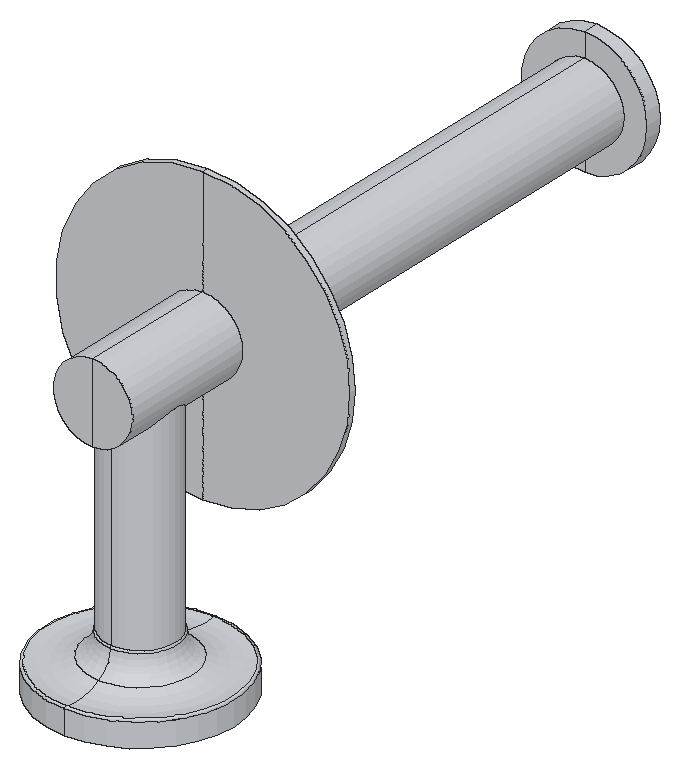
Revit family "Accessory-Tissue_Holder-KOHLER-Purist-K-14444BR_1", category Specialty Equipment, host Face, Revit 2017
Family settings
  Host = Face
  Round Connector Dimension = Use Diameter
  Part Type = Normal
  OmniClass Number = 23.31.25.21
  OmniClass Title = Toilet Paper Dispensers
  Cut with Voids When Loaded = No
  Shared = No
  Room Calculation Point = No
Parameters (values of type "CP-Polished Chrome")
  Width = 2 61/64"  # constant formula
  WaterSense Certified = 1 = 0  # no
  URL = "https://br.kohler.com/"
  Type = 1
  Product Page URL = "https://br.kohler.com/product-detail/14444br?skuid=K-14444BR-CP"
  Product Name = "Purist"  # constant formula
  Product Documentation Link = ""
  Model = if(Type = 1, "K-14444BR-CP", if(Type = 2, "K-14444BR-BN", if(Type = 3, "K-14444BR-RGD", "NA")))  # "K-14444BR-CP"
  Material = "Premium Metal Construction"  # constant formula
  Master Format 2014 Name = "Toilet, Bath, and Laundry Accessories"  # constant formula
  Master Format 2014 = "10 28 00"  # constant formula
  Manufacturer Address = "Rio de Janeiro MULTIREPAROS RUA BATISTA DA COSTA, Nº 352 | STORE B Rio de Janeiro SÃO GONÇALO 24450-470"  # constant formula
  Manufacturer = "KOHLER Co."  # constant formula
  Length = 4 79/256"  # constant formula
  Height = 6 41/128"  # constant formula
  Finish = Kohler-Metal-CP-Polished_Chrome
  Environmental Product Declaration = ""
  Description = "Vertical Paper"  # constant formula
  Default Elevation = 42"
  Declare Label = ""
  Date Modified = "07/09/2020"  # constant formula
  Date Created = "07/09/2020"  # constant formula
  Copyright = "Copyright KOHLER Co."  # constant formula
  Contact Us = "https://br.kohler.com/asr-listing"
  Assembly Code = "C1030200"
  ADA Compliant = 1 = 0  # no
Types (4): name | Type | Product Page URL | Model | Finish
  (no name) | 1 | "https://br.kohler.com/product-detail/14444br?skuid=K-14444BR-CP" | "K-14444BR-CP" | Kohler-Metal-CP-Polished_Chrome
  CP-Polished Chrome | 1 | "https://br.kohler.com/product-detail/14444br?skuid=K-14444BR-CP" | "K-14444BR-CP" | Kohler-Metal-CP-Polished_Chrome
  BN-Vibrant Brushed Nickel | 2 | "https://br.kohler.com/product-detail/14444br?skuid=K-14444BR-BN" | "K-14444BR-BN" | Kohler-Metal-BN-Vibrant_Brushed_Nickel
  RGD-Vibrant Rose Gold | 3 | "https://br.kohler.com/product-detail/14444br?skuid=K-14444BR-RGD" | "K-14444BR-RGD" | Kohler-Metal-RGD-Polished_Rose_Gold
Reference planes (in)
  plane 1 "Center (Front/Back)": y = 0
  plane 2: z = 0
  plane 3 "Center (Left/Right)": x = 0
  plane 4: z = 0.25562
  plane 5: x = 0.94488
  plane 6: y = 0.94488
  plane 7: y = -0.94488
  plane 8: z = 4.30859
  plane 9: z = 2.83325
  plane 10: z = 1.35687
  plane 11: x = -0.94574
  plane 12: y = 0.7874
  plane 13: y = -0.59197
  plane 14: y = 5.57087
  plane 15: y = 5.72835
  plane 16: x = -1.47638
  plane 17: x = 1.47675
  plane 18: y = 0.84646
  plane 19: x = -0.3937
  plane 20: x = 0.3937
  plane 21: x = 0.35433
  plane 22: x = -0.35433
  plane 23: y = 0.35433
  plane 24: y = -0.35433
  plane 25: z = 3.22695
  plane 26: z = 2.43955
  plane 27: z = 3.46317
  plane 28: x = -0.62992
  plane 29: z = 2.20333
  plane 30: x = 0.62992
Dimensions and locks (in)
  "Height": plane 15 to plane 13
  plane 15 to plane 7 = 6.67323"
  "Width": plane 16 to plane 17
  plane 11 to plane 5 = 1 57/64"
  "Length": plane 8 to level
  aligned and locked: plane 2 to host face
  aligned and locked: level to host face
  aligned and locked: plane 3 "Center (Left/Right)" to nested 1
  aligned and locked: plane 1 "Center (Front/Back)" to nested 1
Automatic sketch dimensions
  host sketch curve to host sketch curve = 96"  (x2)
Nested families (in)
  nested 1: "K-14444BR" at (0, 0, 0), type "K-14444BR"
Definition of nested family "K-14444BR"
  Parameters (values of type "K-14444BR")
    Material = none
  Reference planes (in)
    plane 1 "Center (Front/Back)": y = 0
    plane 2: z = 0
    plane 3 "Center (Left/Right)": x = 0
    plane 4: x = 0.94488
    plane 5: x = -0.94488
    plane 6: y = 0.94488
    plane 7: y = -0.94488
    plane 8: z = 1.35687
    plane 9: z = 4.30963
    plane 10: x = -1.47638
    plane 11: x = 1.47638
    plane 12: y = 5.72835
    plane 13: y = -0.59055
    plane 14: y = 5.57087
    plane 15: z = 2.83325
    plane 16: x = -0.62992
    plane 17: x = 0.62992
  Forms (in)
    Revolve 1, solid, material <- "Material", detail levels medium+fine
      sketch origin (0, 0, 0) x (0, 1, 0) y (0, 0, 1)
        loop
          line (5.57087, 3.22695) -> (0.84646, 3.22695) -> (0.84646, 4.30963) -> (0.7874, 4.30963) -> (0.7874, 3.22695) -> (-0.59055, 3.22695) -> (-0.59055, 2.83325) -> (5.68663, 2.83325)
          arc (5.68663, 2.83325) -> (5.69707, 3.13354) -> (5.72835, 3.43239) r 4.32315
          line (5.72835, 3.43239) -> (5.72835, 3.46317) -> (5.57087, 3.46317) -> (5.57087, 3.22695)
        axis (5.72835, 2.83325) -> (-0.59055, 2.83325)
      angle from 0 to 360
    Revolve 2, solid, material <- "Material", detail levels medium+fine
      sketch origin (0, 0, 0) x (0, 1, 0) y (0, 0, 1)
        loop
          line (0.94488, 0) -> (0.94488, 0.23612)
          arc (0.94488, 0.23612) -> (0.93757, 0.25134) -> (0.92111, 0.25515) r 0.0195
          arc (0.92111, 0.25515) -> (0.71374, 0.24531) -> (0.51536, 0.30652) r 0.60178
          arc (0.51536, 0.30652) -> (0.41202, 0.39902) -> (0.36762, 0.53041) r 0.27239
          arc (0.36762, 0.53041) -> (0.36059, 0.54518) -> (0.34538, 0.55118) r 0.02229
          line (0.34538, 0.55118) -> (0, 0.55118) -> (0, 0) -> (0.94488, 0)
        axis (0, 0.55118) -> (0, 0)
      angle from 0 to 360
    Revolve 3, solid, material <- "Material", detail levels medium+fine
      sketch origin (0, 0, 0) x (0, 1, 0) y (0, 0, 1)
        loop
          line (0, 0.53346) -> (0.35433, 0.53346) -> (0.35433, 2.69188) -> (0, 2.69188) -> (0, 0.53346)
        axis (0, 2.69188) -> (0, 0.53346)
      angle from 0 to 360
    Revolve 4, solid, material <- "Material", detail levels coarse
      sketch origin (0, 0, 0) x (0, 1, 0) y (0, 0, 1)
        loop
          line (0, 2.83325) -> (-0.37894, 2.83325) -> (-0.37894, 0.51154) -> (-0.94488, 0.25559) -> (-0.94488, 0) -> (0, 0) -> (0, 2.83325)
        axis (0, 0) -> (0, 2.83325)
      angle from 0 to 360
    Revolve 5, solid, material <- "Material", detail levels coarse
      sketch origin (0, 0, 0) x (0, 1, 0) y (0, 0, 1)
        loop
          line (-0.60285, 2.83325) -> (5.72835, 2.83325) -> (5.72835, 3.47548) -> (5.57087, 3.47548) -> (5.57087, 3.23925) -> (0.85261, 3.23925) -> (0.85261, 4.30963) -> (0.78125, 4.30963) -> (0.78125, 3.23925) -> (-0.60285, 3.23925) -> (-0.60285, 2.83325)
        axis (-0.60285, 2.83325) -> (5.72835, 2.83325)
      angle from 0 to 360
  Cuts and joins
    joined: Revolve 1, Revolve 2, Revolve 3
    joined: Revolve 4, Revolve 5
  Lines and regions (in)
    Masking region 1
      outline origin (0, 0, 0) x (0, 1, 0) y (0, 0, 1)
        loop
          line (5.72835, 3.46317) -> (5.57087, 3.46317) -> (5.57087, 3.22695) -> (0.84646, 3.22695) -> (0.84646, 4.30963) -> (0.7874, 4.30963) -> (0.7874, 3.22695) -> (-0.59055, 3.22695) -> (-0.59055, 2.43955) -> (-0.35433, 2.43955) -> (-0.35433, 0.5493)
          arc (-0.35433, 0.5493) -> (-0.36553, 0.53777) -> (-0.36923, 0.52212) r 0.03023
          arc (-0.36923, 0.52212) -> (-0.42874, 0.37507) -> (-0.5602, 0.28629) r 0.27179
          arc (-0.5602, 0.28629) -> (-0.60794, 0.26844) -> (-0.65727, 0.25559) r 0.49397
          line (-0.65727, 0.25559) -> (-0.92441, 0.25559)
          arc (-0.92441, 0.25559) -> (-0.93888, 0.2496) -> (-0.94488, 0.23512) r 0.02047
          line (-0.94488, 0.23512) -> (-0.94488, 0) -> (0.94488, 0) -> (0.94488, 0.23512)
          arc (0.94488, 0.23512) -> (0.93888, 0.2496) -> (0.92441, 0.25559) r 0.02047
          line (0.92441, 0.25559) -> (0.65727, 0.25559)
          arc (0.65727, 0.25559) -> (0.60794, 0.26844) -> (0.5602, 0.28629) r 0.49397
          arc (0.5602, 0.28629) -> (0.42874, 0.37507) -> (0.36923, 0.52212) r 0.27179
          arc (0.36923, 0.52212) -> (0.36553, 0.53777) -> (0.35433, 0.5493) r 0.03023
          line (0.35433, 0.5493) -> (0.35433, 2.43955) -> (0.7874, 2.43955) -> (0.7874, 1.35687) -> (0.84646, 1.35687) -> (0.84646, 2.43955) -> (5.57087, 2.43955) -> (5.57087, 2.20333) -> (5.72835, 2.20333) -> (5.72835, 3.46317)
    Masking region 2
      outline origin (0, 0, 0) x (1, 0, 0) y (0, 0, 1)
        loop
          arc (0.35433, 1.40002) -> (0, 4.30963) -> (-0.35433, 1.40002) r 1.47638
          line (-0.35433, 1.40002) -> (-0.35433, 0.5493)
          arc (-0.35433, 0.5493) -> (-0.3658, 0.5375) -> (-0.36861, 0.52128) r 0.02785
          arc (-0.36861, 0.52128) -> (-0.41969, 0.38926) -> (-0.52946, 0.29989) r 0.27618
          arc (-0.52946, 0.29989) -> (-0.59271, 0.27478) -> (-0.65802, 0.25562) r 0.73577
          line (-0.65802, 0.25562) -> (-0.92493, 0.25562)
          arc (-0.92493, 0.25562) -> (-0.93904, 0.24978) -> (-0.94488, 0.23567) r 0.01995
          line (-0.94488, 0.23567) -> (-0.94488, 0) -> (0.94488, 0) -> (0.94488, 0.23567)
          arc (0.94488, 0.23567) -> (0.93904, 0.24978) -> (0.92493, 0.25562) r 0.01995
          line (0.92493, 0.25562) -> (0.65802, 0.25562)
          arc (0.65802, 0.25562) -> (0.59271, 0.27478) -> (0.52946, 0.29989) r 0.73577
          arc (0.52946, 0.29989) -> (0.41969, 0.38926) -> (0.36861, 0.52128) r 0.27618
          arc (0.36861, 0.52128) -> (0.3658, 0.5375) -> (0.35433, 0.5493) r 0.02785
          line (0.35433, 0.5493) -> (0.35433, 1.40002)
    Masking region 3
      outline origin (0, 0, 0) x (1, 0, 0) y (0, 1, 0)
        loop
          line (-1.47638, 0.7874) -> (-0.5223, 0.7874)
          arc (-0.5223, 0.7874) -> (0, -0.94488) -> (0.5223, 0.7874) r 0.94488
          line (0.5223, 0.7874) -> (1.47638, 0.7874) -> (1.47638, 0.84646) -> (0.3937, 0.84646) -> (0.3937, 5.57087) -> (0.62992, 5.57087) -> (0.62992, 5.72835) -> (-0.62992, 5.72835) -> (-0.62992, 5.57087) -> (-0.3937, 5.57087) -> (-0.3937, 0.84646) -> (-1.47638, 0.84646) -> (-1.47638, 0.7874)
    symbolic lines, detail levels medium+fine
      curve 1: line (0, 5.57087, 3.22695) -> (0, 5.57087, 2.43955)
      curve 2: line (0, 0.84646, 3.22695) -> (0, 0.84646, 2.43955)
      curve 3: line (0, 0.7874, 3.22695) -> (0, 0.7874, 2.43955)
      curve 4: line (0, 0.65727, 0.25559) -> (0, -0.65727, 0.25559)
      curve 5: line (0, 0.35433, 0.5493) -> (0, -0.35433, 0.5493)
      curve 6: line (0, 0.35433, 2.43955) -> (0, -0.35433, 2.43955)
      curve 7: circle (0, 0, 2.83325) r 0.62992 normal (0, -1, 0)
      curve 8: circle (0, 0, 2.83325) r 0.59914 normal (0, 1, 0)
      curve 9: line (0.35433, 0, 0.5493) -> (-0.35433, 0, 0.5493)
      curve 10: line (0.65802, 0, 0.25562) -> (-0.65802, 0, 0.25562)
      curve 11: arc (-0.35433, 0, 1.40002) -> (0, 0, 1.35687) -> (0.35433, 0, 1.40002) r 1.47638
      curve 12: line (-0.3937, 5.57087, 0) -> (0.3937, 5.57087, 0)
      curve 13: line (-0.3937, 0.84646, 0) -> (0.3937, 0.84646, 0)
      curve 14: line (-0.5223, 0.7874, 0) -> (0.5223, 0.7874, 0)
      curve 15: line (-0.3937, -0.59055, 0) -> (0.3937, -0.59055, 0)
      curve 16: line (-0.3937, -0.59055, 0) -> (-0.3937, 0.7874, 0)
      curve 17: line (0.3937, -0.59055, 0) -> (0.3937, 0.7874, 0)
  Dimensions and locks (in)
    plane 5 to plane 4 = 1.88976"
    plane 6 to plane 7 = 1.88976"
    plane 10 to plane 11 = 2.95276"
    plane 9 to plane 8 = 2.95276"
    plane 9 to level = 4.30963"
    plane 12 to plane 13 = 6.3189"
    aligned and locked: plane 2 to level
